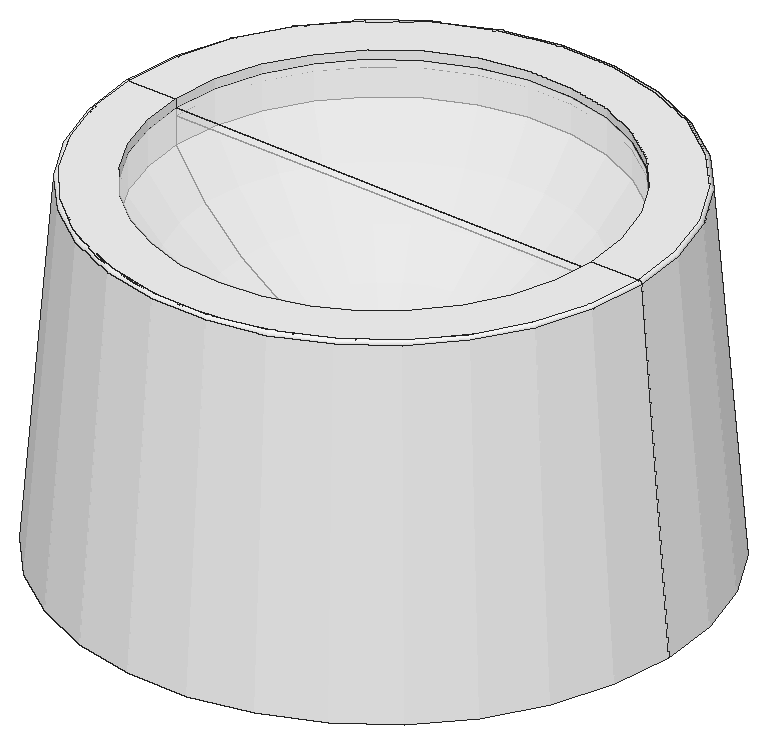
Revit family "0030316", category Lighting Fixtures, host Face, Revit 2016
Family settings
  Host = Face
  Part Type = Normal
  Round Connector Dimension = Use Diameter
  OmniClass Number = 23.80.70.00
  OmniClass Title = Lighting
  Cut with Voids When Loaded = No
  Light Source = Yes
  Shared = No
  Room Calculation Point = No
Parameters (values of type "0030316 Insaver Slim UGR19 165 1050lm 830 Srfc")
  WidthBezel_SYL = 20 mm
  Weight = "9.24 kg"
  Wattage Comments = ""
  Wattage = 9 W
  WarrantyStartDate [instance] = "n/a"
  WarrantyGuarantorParts = "n/a"
  WarrantyDurationUnit = "n/a"
  WarrantyDurationParts = "n/a"
  WarrantyDescription = "n/a"
  built-in parameter 1150110 = 1 (stored number, unit not read)
  Voltage = 230 V
  URL = "http://www.sylvania-lighting.com"
  TypeName = "Insaver Slim UGR19 165 1050lm 830 Surface"
  Type Image = <None>
  Type Comments = "n/a"
  built-in parameter 1114217 = 1 (stored number, unit not read)
  Tilt Angle = -90.00°
  Thickness_SYL = 2.5 mm
  built-in parameter 1150109 = 1 (stored number, unit not read)
  built-in parameter 1150134 = (empty or 0)
  built-in parameter 1150113 = 1 (stored number, unit not read)
  Size1_SYL = yes
  SerialNumber [instance] = "n/a"
  RadiusTop_SYL = 6 mm
  RadiusSleeveTop_SYL = if(Size1_SYL, 85.5 mm, 107 mm)  # 85.5 mm
  RadiusSleeveBottom_SYL = if(Size1_SYL, 77.5 mm, 104 mm)  # 77.5 mm
  RadiusReflector_SYL = if(Size1_SYL, 85 mm, 100 mm)  # 85 mm
  Photometric Web File = "0030316.ies"
  Material_3_FEILO = Top-Sylvania-STARTDownlight
  PowerFactor = 0.9
  PowerConsumption = "9 W"
  NominalLength = 165 mm
  NominalHeight = 95 mm
  NominalDepth = 165 mm
  Name = "Insaver Slim UGR19 165 1050lm 830 Surface"
  ModelReference = Name  # "Insaver Slim UGR19 165 1050lm 830 Surface"
  ModelNumber = "0030316"
  Model = Name  # "Insaver Slim UGR19 165 1050lm 830 Surface"
  Material = "aluminium housing, na diffuser"
  ManufacturerName = "Feilo Sylvania"
  Manufacturer = "Feilo Sylvania"
  LuminousEfficacy = "117 lm/W"
  built-in parameter 1150105 = 83.795 (stored number, unit not read)
  Lumens = 1053 lm
  LuminaireType = ""
  built-in parameter 1150115 = 1 (stored number, unit not read)
  LightOutputRatio = "n/a"
  built-in parameter 1150137 = (empty or 0)
  built-in parameter 1150139 = (empty or 0)
  LampsType = Lamp  # "LED"
  LampNominalLuminous = "1050 lm"
  LampMacAdamStep = "5"
  LampColourTemperature = "3000 K"
  LampColourRenderingIndex = "80"
  built-in parameter 1150112 = 1 (stored number, unit not read)
  built-in parameter 1150114 = 1 (stored number, unit not read)
  Lamp = "LED"
  Keynote = "16500"
  InstallationDate [instance] = "n/a"
  InputVoltage = "AC 220-240 V"
  InputNominalFrequency = "50/60 Hz"
  built-in parameter 1150132 = (empty or 0)
  built-in parameter 1150102 = (empty or 0)
  built-in parameter 1150107 = 3000 (stored number, unit not read)
  built-in parameter 1150138 = (empty or 0)
  IngressProtection = "IP20"
  ImpactProtectionIndex = "IK07"
  built-in parameter 1150106 = 0.83795 (stored number, unit not read)
  IfcExportType = "IfcLightFixtureType"
  IfcExportAs = "IfcLightFixtureType"
  Height_SYL = if(Size1_SYL, 61 mm, 61 mm)  # 61 mm
  HeightBezel_SYL = if(Size1_SYL, 3 mm, 3.2 mm)  # 3 mm
  ExpectedLife = 50000
  Emit from Circle Diameter = Diameter_SYL - 40 mm  # 125 mm
  Emit Shape Visible in Rendering = no
  ElectricShockClassification = "Class II"
  built-in parameter 1150104 = 10.87 (stored number, unit not read)
  DurationUnit = "hours"
  DocumentationLiterature = "http://www.sylvania-lighting.com/product/en-int/products/0030316"
  DimmingControlOptions = "n/a"
  Material_2_FEILO = Diffuser-Sylvania-STARTDownlight
  Dimming Lamp Color Temperature Shift = <None>
  Diameter_SYL = if(Size1_SYL, 165 mm, 220 mm)  # 165 mm
  DiameterTop_SYL = if(Size1_SYL, 98 mm, 135 mm)  # 98 mm
  DiameterTopBase_SYL = DiameterRecess_SYL  # 150 mm
  DiameterRecess_SYL = if(Size1_SYL, 150 mm, 200 mm)  # 150 mm
  Description = ""
  Default Elevation = 1219.2 mm
  CreatedOn = "3/18/2019"
  CreatedBy = "@sylvania-lighting.com"
  Cost = 0
  Color Filter = 16777215
  built-in parameter 1114216 [instance] = (empty or 0)
  ClassificationValue = "EF_70_80"
  ClassificationName = "Uniclass2015"
  Material_1_FEILO = Trim-Sylvania-STARTDownlight-White
  BarCode [instance] = "n/a"
  built-in parameter 1114218 = 1 (stored number, unit not read)
  built-in parameter 1150133 = 10 (stored number, unit not read)
  AssetType = "Fixed"
  AssetIdentifier [instance] = "n/a"
  Assembly Code = "D5020200"
  Apparent Load = 9 VA
  Material_4_FEILO = LED-Sylvania-STARTDownlight
Reference planes
  plane 1 "Center (Front/Back)": y = 0
  plane 2: z = 94
  plane 3 "Center (Left/Right)": x = 0
  plane 4: x = 82.5
  plane 5: x = -82.5
  plane 6: z = 97
  plane 7: z = 86
  plane 8: z = 36
  plane 9: x = -49
  plane 10: x = 49
  plane 11: z = 0
  plane 12: x = -62.5
  plane 13: z = 96
  plane 14: z = 48
  plane 15: x = -16
  plane 16: x = -99.5
  plane 17: x = -75
  plane 18: x = 75
  plane 19: z = 99
  plane 20: x = -77.5
  plane 21: z = 98.5
  plane 22: x = -85.5
  plane 23: x = -83
Forms (mm)
  Revolve 1, solid, material "Trim-Sylvania-STARTDownlight-White" <- "Material_1_FEILO"
    sketch origin (0, 0, 0) x (1, 0, 0) y (0, 0, 1)
      loop
        line (-62.5, 96) -> (-75, 96) -> (-75, 86) -> (-50.681, 39.232)
        arc (-50.681, 39.232) -> (-48.471, 36.871) -> (-45.357, 36) r 6
        line (-45.357, 36) -> (0, 36) -> (0, 48) -> (-16, 48)
        arc (-16, 48) -> (-42.718, 62.757) -> (-62.5, 86) r 85
        line (-62.5, 86) -> (-62.5, 96)
      axis (0, 96) -> (0, 36)
    angle from 360 to 0
  Revolve 2, solid, material "Diffuser-Sylvania-STARTDownlight" <- "Material_2_FEILO"
    sketch origin (0, 0, 0) x (1, 0, 0) y (0, 0, 1)
      loop
        line (-62.5, 94) -> (0, 94) -> (0, 96) -> (-62.5, 96) -> (-62.5, 94)
      axis (0, 96) -> (0, 94)
    angle from 360 to 0
  Revolve 3, solid, material "Trim-Sylvania-STARTDownlight-White" <- "Material_1_FEILO"
    sketch origin (0, 0, 0) x (1, 0, 0) y (0, 0, 1)
      loop
        line (-62.5, 96) -> (-62.5, 98.5) -> (-76.53, 98.5)
        arc (-76.53, 98.5) -> (-77.226, 98.218) -> (-77.529, 97.53) r 1
        line (-77.529, 97.53) -> (-85.5, 0) -> (-83, 0) -> (-75.203, 96) -> (-62.5, 96)
      axis (0, 98.5) -> (0, 0)
    angle from 360 to 0
Dimensions and locks
  equal spacing: plane 4, plane 3 "Center (Left/Right)", plane 5
  "Diameter_SYL": plane 4 to plane 5
  equal spacing: plane 10, plane 3 "Center (Left/Right)", plane 9
  "DiameterTop_SYL": plane 10 to plane 9
  "HeightBezel_SYL": plane 6 to plane 2
  "Height_SYL": plane 6 to plane 8
  locked: plane 2 to plane 7 at 8
  locked: plane 2 to plane 11 at 94
  "WidthBezel_SYL": plane 12 to plane 5
  locked: plane 6 to plane 13 at 1
  locked: plane 3 "Center (Left/Right)" to plane 15 at 16
  locked: plane 14 to plane 8 at 12
  equal spacing: plane 18, plane 3 "Center (Left/Right)", plane 17
  "DiameterRecess_SYL": plane 17 to plane 18
  locked: plane 19 to plane 6 at 2
  "RadiusSleeveBottom_SYL": plane 3 "Center (Left/Right)" to plane 20
  "Thickness_SYL": plane 21 to plane 13
  "RadiusSleeveTop_SYL": plane 3 "Center (Left/Right)" to plane 22
  "Thickness_SYL": plane 22 to plane 23
  "RadiusReflector_SYL": radius of Revolve 1 sketch curve
  "RadiusTop_SYL": radius of Revolve 1 sketch curve
  aligned and locked: level to host face
  aligned and locked: plane 3 "Center (Left/Right)" to imposter light
  aligned and locked: imposter light to plane 13
  aligned and locked: imposter light to plane 1 "Center (Front/Back)"
  aligned and locked: Revolve 1 sketch curve to plane 3 "Center (Left/Right)"
  aligned and locked: plane 7 to Revolve 1 sketch curve  (x2)
  aligned and locked: plane 8 to Revolve 1 sketch curve
  aligned and locked: Revolve 1 sketch curve to plane 12
  aligned and locked: plane 3 "Center (Left/Right)" to Revolve 1 sketch curve
  aligned and locked: Revolve 1 sketch curve to plane 14
  aligned and locked: Revolve 2 sketch curve to plane 3 "Center (Left/Right)"
  aligned and locked: imposter light to Revolve 2 sketch curve  (x2)
  aligned and locked: plane 17 to Revolve 1 sketch curve
  aligned and locked: Revolve 2 sketch curve to plane 2
  aligned and locked: Revolve 1 sketch curve to plane 13
  aligned and locked: Revolve 3 sketch curve to plane 3 "Center (Left/Right)"
  aligned and locked: Revolve 1 to Revolve 3 sketch curve
  aligned and locked: Revolve 3 sketch curve to Revolve 1
  aligned and locked: Revolve 3 sketch curve to plane 21
  aligned and locked: plane 11 to Revolve 3 sketch curve
  aligned and locked: plane 13 to Revolve 3 sketch curve
Automatic sketch dimensions
  host sketch curve to host sketch curve = 2438.4 mm  (x2)
  Revolve 2 sketch curve to plane 12 = 0 mm
  Revolve 2 sketch curve to level = 472.1 mm
  Revolve 2 sketch curve to plane 6 = 2606.058 mm
  Revolve 1 sketch curve to plane 15 = 0 mm
  Revolve 1 sketch curve to plane 9 = 1.681 mm
  plane 9 to Revolve 1 sketch curve = 3.643 mm
  Revolve 1 sketch curve to level = 472.1 mm
  Revolve 1 sketch curve to Revolve 1 sketch curve = 2577.983 mm
  plane 22 to Revolve 3 sketch curve = 0 mm
  plane 23 to Revolve 3 sketch curve = 0 mm
  plane 20 to Revolve 3 sketch curve = 0.029 mm
  Revolve 3 sketch curve to plane 6 = 0.5 mm
  Revolve 3 sketch curve to Revolve 3 sketch curve = 1 mm
  plane 17 to Revolve 3 sketch curve = 0.203 mm
  Revolve 3 sketch curve to level = 609.6 mm
  Revolve 3 sketch curve to plane 19 = 2466.558 mm
Connectors
  electrical at (0, 0, 0), driven by "Apparent Load", driven by "PowerFactor", driven by "Voltage"
    settings: index 1, voltage 230 V, apparent load 9 VA, apparent load phase1 0 VA, apparent load phase2 0 VA, apparent load phase3 0 VA, power factor 0.9, load classification "Lighting", number of poles 1, system type 30, power factor state 1, is connector primary yes, connector utility no, sub classification motor no, connector description ""
